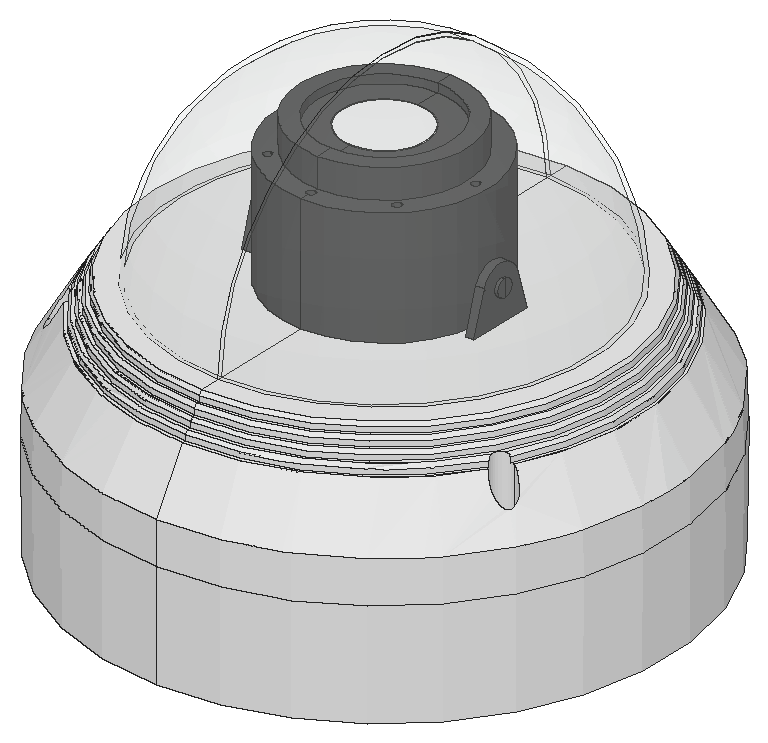
Revit family "Camera-Security-HanwhaTechwin-Dome-Wisenet Q-QNV-8080R_mm", category Security Devices, host Face, Revit 2020
Family settings
  Host = Face
  Maintain Annotation Orientation = Yes
  Round Connector Dimension = Use Diameter
  Part Type = Normal
  OmniClass Number = 23.85.30.17.14
  OmniClass Title = Video Surveillance
  Cut with Voids When Loaded = No
  Shared = No
  Room Calculation Point = No
Parameters (values of type "Standard")
  zz Length 3 [instance] = if(1 = 1, View Distance + 38.887 mm, View Distance + 38.887 mm)  # 952.887 mm
  zz Length 2 [instance] = 255.193 mm
  zz Length 1 [instance] = 190.112 mm
  zz Angle 4 [instance] = if(1 = 1, Camera Shield Actual, Camera Shield Actual)  # 0.00°
  zz Angle 3 [instance] = Camera Tilt Actual + 90.00°  # 90.00°
  zz Angle 2 [instance] = 90.00° - Camera Shield Actual  # 90.00°
  zz Angle 1 [instance] = if(1 = 1, Camera Base Actual + 270.00°, Camera Base Actual + 270.00°)  # 270.00°
  Wide Dynamic Range [instance] = "120 dB"  # constant formula
  White Balance [instance] = "ATW / AWC / Manual / Indoor / Outdoor"  # constant formula
  Weight [instance] = "700g (1.543 lb)"  # constant formula
  Webpage Language [instance] = "English, Korean, Chinese, French, Italian, Spanish, German, Japanese, Russian, Swedish,\r\nPortuguese, Czech, Polish, Turkish, Dutch, Hungarian, Greek"  # constant formula
  Web Viewer [instance] = "Supported OS : Windows 7, 8.1, 10, Mac OS X 10.12, 10.13, 10.14\r\nRecommended Browser : Google Chrome\r\nSupported Browser : MS Explorer11, MS Edge, Mozilla Firefox (Windows 64bit only),\r\nApple Safari (Mac OS X only)"  # constant formula
  WarrantyStartDate [instance] = "1900-12-31T23:59:59"
  WarrantyGuarantorParts [instance] = ""
  WarrantyGuarantorLabor [instance] = ""
  WarrantyDurationUnit [instance] = "year"
  WarrantyDurationParts [instance] = ""
  WarrantyDurationLabor [instance] = ""
  WarrantyDescription [instance] = ""
  Voltage [instance] = 12 V
  View Distance [instance] = 914 mm
  Video out [instance] = "CVBS : 1.0 Vp-p / 75Ω composite, 720 x 480(N), 720 x 576(P) for installation"  # constant formula
  Video Rotation [instance] = "Flip, Mirror, Hallway view (90˚/270˚)"  # constant formula
  Video Quality Adjustment [instance] = "H.264/H.265 : Target bitrate level control\r\nMJPEG : Quality Level control"  # constant formula
  Video Compression Format [instance] = "H.265/H.264: Main/High, MJPEG"  # constant formula
  Version [instance] = "1"
  Unit Conversion [instance] = 1000 mm
  Uniclass2 [instance] = "Pr_60_75_75_86_86"
  URL = "https://www.hanwha-security.com"
  TagNumber (default) [instance] = ""
  SustainabilityPerformance [instance] = ""
  Streaming Method [instance] = "Multiple streaming (Up to 3 profiles)"  # constant formula
  Streaming Capability [instance] = "Unicast (6 users) / Multicast"  # constant formula
  Storage Temperature [instance] = "-30°C ~ +60°C (-22°F ~ +140°F) / Less than 90% RH"  # constant formula
  Smart Codec [instance] = "WiseStream II"  # constant formula
  Size [instance] = "Ø137.0 x 106.1mm (Ø5.39 x 4.18\")"
  Shape [instance] = "Dome"
  SerialNumber (default) = ""
  Security [instance] = "HTTPS (SSL) login authentication, Digest login authentication,\r\nIP address filtering, User access log,\r\n802.1X authentication (EAP-TLS, EAP-LEAP)"  # constant formula
  Revision [instance] = ""
  Resolution [instance] = "2592 x 1944, 1920 x 1080, 1280 x 960, 1280 x 720, 800 x 600, 800 x 448, 720 x 576, 720 x 480,\r\n640 x 480, 640 x 360"  # constant formula
  ReplacementCost [instance] = ""
  RAL Code [instance] = "RAL9003"  # constant formula
  Protocol [instance] = "IPv4, IPv6, TCP/IP, UDP/IP, RTP(UDP), RTP(TCP), RTCP, RTSP, NTP, HTTP, HTTPS, SSL/TLS, DHCP, FTP,\r\nSMTP, ICMP, IGMP, SNMPv1/v2c/v3(MIB-2), ARP, DNS, DDNS, QoS, UPnP, Bonjour, LLDP"  # constant formula
  ProductInformation [instance] = ""
  Product Page URL = "https://www.hanwha-security.com/en/products/camera/network/dome/QNV-8080R/overview/"
  Product Material = Aluminum - HanwhaTechwin - White
  Product Documentation Link = "https://www.hanwha-security.com/prod/pdfDownload.do?mdlCd=MC001858"
  Privacy Masking [instance] = "6ea, rectangular zones"  # constant formula
  Power Consumption [instance] = "PoE : Max 8.9W, typical 6.6W"  # constant formula
  Pan. Tilt. Rotate Range [instance] = "0˚~350˚ / 0˚~67˚ / 0˚~355"  # constant formula
  Operating Temperature [instance] = "-30°C ~ +55°C (-22°F ~ +131°F) / Less than 90% RH\r\n* Start up should be done at above -20°C"  # constant formula
  NominalWidth [instance] = "Ø137.0 (Ø5.39)"
  NominalLength [instance] = "Ø137.0 (Ø5.39)"
  NominalHeight [instance] = "106.1mm (4.18\")"
  Name [instance] = "QNV-8080R"
  NBSTypeID [instance] = ""
  NBSReference [instance] = ""
  NBSOfficeMasterTag [instance] = ""
  NBSNote [instance] = ""
  NBSDescription [instance] = ""
  NBSCertification [instance] = ""
  Motion Detection [instance] = "4ea, polygonal zones"  # constant formula
  ModelReference [instance] = "Hanwhatechwin"
  ModelNumber [instance] = "QNV-8080R"
  Model = "QNV-8080R"  # constant formula
  Min. Illumination [instance] = "Color : 0.15Lux (F1.6, 1/30sec)\r\nBW : 0Lux (IR LED on)"  # constant formula
  Memory [instance] = "512MB RAM, 256MB Flash"  # constant formula
  Maximum Framerate [instance] = "H.265/H.264: Max. 30fps/25fps (60Hz/50Hz)\r\nMJPEG: Max. 15fps/12fps (60Hz/50Hz)"  # constant formula
  Max. Aperture Ratio [instance] = "F1.6 (Wide)~F2.9 (Tele)"  # constant formula
  Max Resolution [instance] = 2592
  Material [instance] = "Aluminum"
  ManufacturerURL [instance] = "https://www.hanwha-security.com"
  ManufacturerName [instance] = "Hanwhatechwin"
  Manufacturer = "Hanwha Techwin"  # constant formula
  LDC [instance] = "Support"  # constant formula
  InstallationDate (default) [instance] = "1900-12-31T23:59:59"
  Input Voltage. Current [instance] = "PoE (IEEE802.3af, Class3), 12VDC"  # constant formula
  Imaging Device [instance] = "1/2.8 2MP CMOS"  # constant formula
  IR Viewable Length [instance] = "30m (98.42ft)"  # constant formula
  Grade [instance] = ""
  Gain Control [instance] = "Low / Middle / High"  # constant formula
  Focus Control [instance] = "Simple focus"  # constant formula
  Focal Length Actual [instance] = if(Focal Length > 10 mm, 10 mm, if(Focal Length < 3.2 mm, 3.2 mm, Focal Length))  # 3.2 mm
  Focal Length .Zoom Ratio. [instance] = "3.2~10mm (3.1x) motorized varifocal"  # constant formula
  Focal Length [instance] = 3.2 mm
  FoV Hide Check [instance] = FoV Hide Check
  FoV Cross Check [instance] = FoV Cross Check
  Finish [instance] = ""
  Field of View_Recognize [instance] = Field of View - Recognize
  Field of View_Observe [instance] = Field of View - Observe
  Field of View_Identify [instance] = Field of View - Identify
  Field of View_Detect [instance] = Field of View - Detect
  Field of View is Visible_DORI [instance] = no
  Field of View is Visible [instance] = no
  Field of View Vertical Actual [instance] = 72.30° + (23.50° - 72.30°) / (10 mm - 3.2 mm) * (Focal Length Actual - 3.2 mm)  # 72.30°
  Field of View Horizontal Actual [instance] = 100.30° + (31.20° - 100.30°) / (10 mm - 3.2 mm) * (Focal Length Actual - 3.2 mm)  # 100.30°
  Field of View Diagonal Actual [instance] = 133.10° + (38.80° - 133.10°) / (10 mm - 3.2 mm) * (Focal Length Actual - 3.2 mm)  # 133.10°
  Field of View [instance] = Field of View
  Features [instance] = "• Max. 5Megapixel (2592 x 1944) resolution\r\n• 3.2~10mm(3.1x) motorized varifocal lens\r\n• 0.15Lux (Color), 0Lux (B/W, IR LED on)\r\n• Max. 30fps@5MP (H.265 / H.264)\r\n• H.265, H.264, MJPEG codec support, Multiple streaming\r\n• Day & Night, WDR (120dB)\r\n• Tampering, Motion detection, Defocus detection\r\n• Micro SD / SDHC / SDXC memory slot (Max. 128GB)\r\n• Hallway view, WiseStream II support\r\n• IR Viewable length 30m\r\n• IP66, IK10, PoE"
  ExpectedLife [instance] = ""
  Ethernet [instance] = "RJ-45 (10/100BASE-T)"  # constant formula
  Electronic Shutter Speed [instance] = "Minimum / Maximum / Anti flicker (1/5~1/12,000sec)"  # constant formula
  Effective Pixels [instance] = "2592(H) x 1944(V)"  # constant formula
  Edge Storage [instance] = "Micro SD/SDHC/SDXC 1slot 128GB"  # constant formula
  DurationUnit [instance] = "year"
  Distance Recognize [instance] = 1 / 2 * (Max Resolution / 125) / tan(Field of View Horizontal Actual / 2) * Unit Conversion  # 8653.632 mm
  Distance Observe [instance] = 1 / 2 * (Max Resolution / 62.5) / tan(Field of View Horizontal Actual / 2) * Unit Conversion  # 17307.263 mm
  Distance Identify [instance] = 1 / 2 * (Max Resolution / 250) / tan(Field of View Horizontal Actual / 2) * Unit Conversion  # 4326.816 mm
  Distance Detect [instance] = 1 / 2 * (Max Resolution / 25) / tan(Field of View Horizontal Actual / 2) * Unit Conversion  # 43268.158 mm
  Digital Noise Reduction [instance] = "SSNR"  # constant formula
  Description = "NBS standard template for generic face-based components"  # constant formula
  Default Elevation = 1219.2 mm
  Day and Night [instance] = "Auto (ICR)"  # constant formula
  Constituents [instance] = ""
  Color [instance] = "White"
  CodePerformance [instance] = ""
  Certification [instance] = "IP66, IK10"  # constant formula
  Category [instance] = "5MP Network IR Dome Camera"
  Camera Title [instance] = "Displayed up to 85 characters"  # constant formula
  Camera Tilt Desired [instance] = 0.00°
  Camera Tilt Actual [instance] = if(Camera Tilt Desired > 67.00°, 67.00°, if(Camera Tilt Desired < 0.00°, 0.00°, Camera Tilt Desired))  # 0.00°
  Camera Shield Desired [instance] = 0.00°
  Camera Shield Actual [instance] = if(Camera Shield Desired > 355.00°, 355.00°, if(Camera Shield Desired < 0.00°, 0.00°, Camera Shield Desired))  # 0.00°
  Camera Base Desired [instance] = 0.00°
  Camera Base Actual [instance] = if(Camera Base Desired > 350.00°, 350.00°, if(Camera Base Desired < 0.00°, 0.00°, Camera Base Desired))  # 0.00°
  Bitrate Control Method [instance] = "H.264/H.265 : CBR or VBR\r\nMJPEG : VBR"  # constant formula
  Base Vertical Length [instance] = 5 mm
  Base Horizontal Length [instance] = 5 mm
  BarCode (default) [instance] = ""
  Backlight Compensation [instance] = "BLC, WDR, SSDR"  # constant formula
  Author [instance] = ""
  Audio In [instance] = "Selectable (mic in/line in)\r\nSupply voltage: 2.5VDC (4mA), Input impedance : 2K Ohm"  # constant formula
  Audio Compression Format [instance] = "G.711 u-law /G.726 Selectable\r\nG.726 (ADPCM) 8KHz, G.711 8KHz\r\nG.726: 16Kbps, 24Kbps, 32Kbps, 40Kbps"  # constant formula
  AssetType [instance] = "Fixed"
  AssetIdentifier (default) [instance] = ""
  Application Programming Interface [instance] = "ONVIF Profile S/G/T\r\nSUNAPI (HTTP API)\r\nWisenet open platform"  # constant formula
  Angular Field of View [instance] = "H : 100.3°(Wide)~31.2°(Tele) / V : 72.3°(Wide)~23.5°(Tele) / H : 133.1°(Wide)~38.8°(Tele)"  # constant formula
  Analytics [instance] = "Defocus detection, Directional detection, Motion detection, Enter/Exit, Tampering, Virtual line"  # constant formula
  Alarm Triggers [instance] = "Analytics, Network disconnect, Alarm input"  # constant formula
  Alarm I.O [instance] = "Input 1ea / Output 1ea"  # constant formula
  Alarm Events [instance] = "File upload via FTP and e-mail\r\nNotification via e-mail\r\nSD/SDHC/SDXC or NAS recording at event triggers\r\nAlarm output"  # constant formula
  AccessibilityPerformance [instance] = ""
Reference planes
  plane 1 "Center (Front/Back)": y = 0
  plane 2: z = 0
  plane 3 "Center (Left/Right)": x = 0
  plane 4: z = 70.187
  plane 5: z = 0
  plane 6: z = 57.7
  plane 7: z = 106.1
  plane 8: y = -2.907
  plane 9: x = 0
  plane 10: y = -0.576
  plane 11: through (0, -0.576, 1206.718) normal (0.7071, 0.7071, 0)
  plane 12: y = -2.907
  plane 13: y = 50
  plane 14: y = -50
  plane 15: z = 57.7
  plane 16: z = 35.528
  plane 17: y = 54.952
  plane 18: y = -55.306
  plane 19: y = 68.5
  plane 20: y = -68.5
  plane 21: y = 68.316
Forms (mm)
  Revolve 1, solid, material "Aluminum - HanwhaTechwin - White" <- "Product Material", detail levels fine
    sketch origin (0, 0, 232.261) x (0, -1, 0) y (0, 0, 1)
      loop
        line (-68.316, -232.261) -> (0, -232.261) -> (0, -174.561) -> (-54.952, -174.561) -> (-55.547, -175.514) -> (-55.547, -176.796) -> (-56.348, -176.796) -> (-56.944, -177.749) -> (-56.944, -179.031) -> (-57.745, -179.031) -> (-58.34, -179.984) -> (-58.34, -181.266) -> (-59.141, -181.266) -> (-59.736, -182.219) -> (-59.736, -183.501) -> (-60.538, -183.501) -> (-68.316, -196.734) -> (-68.505, -206.781) -> (-68.316, -232.261)
      axis (0, -232.261) -> (0, -174.561)
    angle from 0 to 360
  Revolve 2, solid, material "Glass - HanwhaTechwin - Clear"
    sketch origin (-0.001, -99.241, 242.206) x (0, -1, 0) y (0, 0, 1)
      loop
        arc (-99.267, -136.106) -> (-134.052, -150.19) -> (-149.241, -184.506) r 50
        line (-149.241, -184.506) -> (-148.241, -184.506)
        arc (-148.241, -184.506) -> (-133.345, -150.897) -> (-99.267, -137.106) r 49
        line (-99.267, -137.106) -> (-99.267, -136.106)
      axis (-99.241, -184.506) -> (-99.241, -136.106)
    angle from 0 to 360
  Extrusion 3, void, detail levels fine
    sketch origin (0, 0, 0) x (0, -1, 0) y (1, 0, 0)
      loop
        circle (30.884, -53.492) r 3
      loop
        circle (30.884, 53.492) r 3
      loop
        circle (-61.767, 0) r 3
    from 0 to 57.742
  Revolve 4, solid, material "Metal - HanwhaTechwin - Black", detail levels fine
    sketch origin (0, 0, 70.187) x (0, 0, 1) y (0, 1, 0)
      loop
        line (22.509, 20) -> (15.509, 20) -> (15.509, 25) -> (-12.487, 25) -> (-12.487, 0) -> (19.509, 0) -> (19.509, 10) -> (20.509, 10) -> (20.509, 16) -> (22.509, 16) -> (22.509, 20)
      axis (22.509, 0) -> (-12.487, 0)
    angle from 0 to 360
  Extrusion 5, solid, material "Plastic - HanwhaTechwin - Sun-Shield", detail levels fine
    sketch origin (0, 0, 89.696) x (1, 0, 0) y (0, 1, 0)
      loop
        circle (0, 0) r 10
    from 1 to 0
  Revolve 6, solid, material "Metal - HanwhaTechwin - Black", detail levels fine
    sketch origin (0, 0, 70.187) x (0, 0, 1) y (1, 0, 0)
      loop
        line (-2.487, -29) -> (-2.487, -25) -> (-4.487, -25) -> (-4.487, -29) -> (-2.487, -29)
      axis (-4.487, -29) -> (-4.487, -25)
    angle from 0 to 360
  Extrusion 7, solid, material "Metal - HanwhaTechwin - Black", detail levels fine
    sketch origin (0, -0.313, 70.187) x (0, -1, 0) y (0, 0, 1)
      loop
        line (7.636, -12.487) -> (4.557, -2.884)
        arc (4.557, -2.884) -> (-0.312, 0.526) -> (-5.182, -2.884) r 5.182
        line (-5.182, -2.884) -> (-8.261, -12.487) -> (7.636, -12.487)
    from 28 to 25
  Extrusion 8, void
    sketch origin (0, 0, 57.7) x (0, -1, 0) y (1, 0, 0)
      loop
        circle (0, 22) r 1
      loop
        circle (15.556, 15.556) r 1
      loop
        circle (22, 0) r 1
      loop
        circle (0, -22) r 1
      loop
        circle (15.556, -15.556) r 1
    from 26 to 28
  Revolve 9, solid, material "Metal - HanwhaTechwin - Black", detail levels fine
    sketch origin (0, 0, 70.187) x (0, 0, 1) y (1, 0, 0)
      loop
        line (-2.487, 29) -> (-4.487, 29) -> (-4.487, 25) -> (-2.487, 25) -> (-2.487, 29)
      axis (-4.487, 29) -> (-4.487, 25)
    angle from 0 to 360
  Extrusion 10, solid, material "Metal - HanwhaTechwin - Black", detail levels fine
    sketch origin (0, -0.313, 70.187) x (0, -1, 0) y (0, 0, -1)
      loop
        line (7.636, 12.487) -> (-8.261, 12.487) -> (-5.182, 2.884)
        arc (-5.182, 2.884) -> (-0.312, -0.526) -> (4.557, 2.884) r 5.182
        line (4.557, 2.884) -> (7.636, 12.487)
    from 28 to 26
  Revolve 11, solid, material "Aluminum - HanwhaTechwin - White", detail levels coarse+medium
    sketch origin (0, 0, 70.187) x (0, -1, 0) y (0, 0, 1)
      loop
        line (-68.5, -34.663) -> (-68.5, -70.187) -> (0, -70.187) -> (0, -12.487) -> (-55.134, -12.487) -> (-68.5, -34.663)
      axis (0, -12.487) -> (0, -70.187)
    angle from 0 to 360
Cuts and joins
  Extrusion 3 cuts Revolve 1
  Extrusion 8 cuts Revolve 4
Lines and regions (mm)
  reference lines
    curve 1: line (0, 0, 70.187) -> (0, -31.75, 70.187)
    curve 2: line (0, 0, 70.187) -> (0, 0, 90.696)
    curve 3: line (40.695, 0, 76.18) -> (40.695, 0, 90.696)
    curve 4: line (0, 0, 90.696) -> (40.695, 0, 90.696)
    curve 5: line (0, 0, 76.18) -> (40.695, 0, 76.18)
    curve 6: line (0, 0, 90.696) -> (40.695, 0, 90.696)
    curve 7: line (27.523, 0, 89.86) -> (0, 0, 89.86)
    curve 8: line (0, 0, 90.696) -> (0, -12.7, 90.696)
    curve 9: line (0, 0, 90.696) -> (-12.7, 0, 90.696)
  symbolic lines, not visible
    curve 10: circle (0, 0, 0) r 72.171 normal (0, 0, -1)
Dimensions and locks
  locked: curve 6 to curve 6
  locked: curve 2 to curve 6
  locked: curve 1 to curve 2
  locked: Revolve 6 sketch curve to Revolve 6 sketch curve at 2
  locked: Extrusion 7 sketch curve to Extrusion 7 sketch curve at 15.896
  locked: Revolve 4 sketch curve to Revolve 4 sketch curve at 25
  Revolve 4 sketch curve to Revolve 4 sketch curve to Revolve 4 sketch curve to Revolve 4 sketch curve = 4 mm locked, 6 mm locked, 10 mm locked
  locked: Revolve 9 sketch curve to Revolve 9 sketch curve at 2
  locked: Extrusion 10 sketch curve to Extrusion 10 sketch curve at 15.896
  Revolve 4 sketch curve to Revolve 4 sketch curve to Revolve 4 sketch curve to Revolve 4 sketch curve to Revolve 4 sketch curve = 2 mm locked, 1 mm locked, 4 mm locked, 27.996 mm locked
  locked: Revolve 1 sketch curve to Revolve 1 sketch curve at 57.7
  locked: Extrusion 10 to Extrusion 7 sketch curve at 13.013
  locked: Extrusion 10 sketch curve to Extrusion 10 sketch curve at 13.013
  locked: Revolve 9 sketch curve to Revolve 9 sketch curve at 4
  locked: Revolve 6 sketch curve to Revolve 6 sketch curve at 4
  plane 5 to plane 7 = 106.1 mm
  locked: plane 5 to plane 15 at 57.7
  plane 15 to plane 7 = 48.4 mm
  equal spacing: plane 13, plane 1 "Center (Front/Back)", plane 14
  plane 13 to plane 14 = 100 mm
  locked: plane 16 to plane 15 at 22.172
  equal spacing: plane 19, plane 1 "Center (Front/Back)", plane 20  (x2)
  plane 19 to plane 20 = 137 mm  (x2)
  locked: plane 19 to plane 21 at 0.184
  radius of Extrusion 7 sketch curve = 5.182 mm
  radius of Extrusion 10 sketch curve = 5.182 mm
  radius of Extrusion 5 sketch curve = 10 mm
  radius of Revolve 2 sketch curve = 50 mm
  radius of Revolve 2 sketch curve = 49 mm
  "zz Angle 1": angle curve 1 to plane 1 "Center (Front/Back)"
  "zz Angle 3": angle curve 1 to curve 2
  "zz Angle 4": angle curve 4 to curve 6
  "zz Angle 2": angle curve 8 to curve 4
  aligned and locked: plane 2 to host face
  aligned and locked: level to host face
  aligned and locked: plane 3 "Center (Left/Right)" to curve 1
  aligned and locked: plane 1 "Center (Front/Back)" to Revolve 2 sketch curve
  aligned and locked: Revolve 6 sketch curve to Revolve 6 sketch curve
  aligned and locked: Revolve 9 sketch curve to Revolve 9 sketch curve
  aligned and locked: plane 19 to Revolve 11 sketch curve
  aligned and locked: Revolve 11 sketch curve to plane 1 "Center (Front/Back)"
Automatic sketch dimensions
  host sketch curve to host sketch curve = 230.834 mm
  host sketch curve to host sketch curve = 278.22 mm
  curve 5 to curve 2 = 0 mm
  curve 7 to curve 2 = 0 mm
  curve 3 to curve 2 = 40.695 mm
  curve 4 to curve 2 = 0 mm  (x2)
  curve 2 to curve 3 = 5.992 mm
  curve 7 to curve 4 = 0.836 mm
  curve 9 to curve 8 = 0 mm  (x2)
  curve 9 to curve 8 = 12.7 mm
  Revolve 2 sketch curve to plane 5 = 12.723 mm
  plane 5 to Revolve 2 sketch curve = 71.489 mm
  Extrusion 3 sketch curve to Revolve 1 = 0 mm
  Revolve 1 to Extrusion 3 sketch curve = 53.492 mm
  Extrusion 3 sketch curve to Extrusion 3 sketch curve = 92.651 mm
  Extrusion 3 sketch curve to Extrusion 3 sketch curve = 0 mm
  Extrusion 3 sketch curve to Revolve 1 = 53.492 mm
  Revolve 4 sketch curve to curve 2 = 0 mm  (x3)
  Revolve 4 sketch curve to Revolve 4 sketch curve = 5.915 mm
  curve 2 to Revolve 4 sketch curve = 13.405 mm
  Extrusion 5 sketch curve to Revolve 4 = 0 mm
  plane 4 to Revolve 6 sketch curve = 4.487 mm
  Revolve 6 sketch curve to Revolve 6 sketch curve = 2 mm
  Extrusion 7 sketch curve to curve 1 = 0 mm
  Extrusion 7 sketch curve to curve 1 = 4.656 mm
  Extrusion 7 sketch curve to curve 1 = 4.87 mm
  curve 1 to Extrusion 7 sketch curve = 2.884 mm
  curve 1 to Extrusion 7 sketch curve = 7.948 mm
  Extrusion 8 sketch curve to Revolve 4 = 0 mm
  Extrusion 8 sketch curve to Revolve 4 = 22 mm
  Revolve 4 to Extrusion 8 sketch curve = 22 mm
  Extrusion 8 sketch curve to Extrusion 8 sketch curve = 0 mm
  Extrusion 8 sketch curve to Extrusion 8 sketch curve = 15.556 mm  (x2)
  Extrusion 8 sketch curve to Extrusion 8 sketch curve = 6.444 mm
  Extrusion 8 sketch curve to Revolve 4 = 15.556 mm
  Revolve 4 to Extrusion 8 sketch curve = 15.556 mm
  plane 4 to Revolve 9 sketch curve = 4.487 mm
  Revolve 9 sketch curve to Revolve 9 sketch curve = 2 mm
  Extrusion 10 sketch curve to curve 1 = 0 mm
  curve 1 to Extrusion 10 sketch curve = 4.656 mm
  Extrusion 10 sketch curve to curve 1 = 4.87 mm
  Extrusion 10 sketch curve to curve 1 = 2.884 mm
  curve 1 to Extrusion 10 sketch curve = 7.948 mm
  Revolve 6 sketch curve to Revolve 6 sketch curve = 66 mm
  Revolve 9 sketch curve to Revolve 9 sketch curve = 66 mm
  plane 3 "Center (Left/Right)" to Revolve 9 sketch curve = 25 mm
  curve 7 to curve 2 = 27.523 mm
  Revolve 6 sketch curve to plane 3 "Center (Left/Right)" = 29 mm
  Revolve 2 sketch curve to plane 13 = 0 mm
  Revolve 2 sketch curve to Revolve 2 sketch curve = 0 mm  (x3)
  plane 15 to Revolve 2 sketch curve = 0 mm
  plane 7 to Revolve 2 sketch curve = 0 mm
  Revolve 11 sketch curve to curve 1 = 0 mm
  Revolve 11 sketch curve to curve 1 = 83.829 mm
  Revolve 11 sketch curve to curve 1 = 70.187 mm
  Revolve 11 sketch curve to curve 1 = 12.487 mm
  Revolve 11 sketch curve to curve 1 = 8.829 mm
  Revolve 11 sketch curve to Revolve 11 sketch curve = 13.366 mm
  Revolve 11 sketch curve to Revolve 11 sketch curve = 22.176 mm
  plane 5 to Revolve 1 sketch curve = 0 mm
  Revolve 1 sketch curve to plane 21 = 0 mm  (x2)
  plane 16 to Revolve 1 sketch curve = 0 mm
  Revolve 1 sketch curve to plane 17 = 0 mm
  Revolve 1 sketch curve to plane 1 "Center (Front/Back)" = 0 mm  (x2)
  plane 17 to Revolve 1 sketch curve = 5.586 mm
  Revolve 1 sketch curve to Revolve 1 sketch curve = 0.801 mm  (x3)
  Revolve 1 sketch curve to Revolve 1 sketch curve = 0.595 mm  (x3)
  plane 17 to Revolve 1 sketch curve = 0.595 mm
  Revolve 1 sketch curve to plane 6 = 8.939 mm
  Revolve 1 sketch curve to Revolve 1 sketch curve = 1.282 mm  (x3)
  Revolve 1 sketch curve to Revolve 1 sketch curve = 0.953 mm  (x3)
  Revolve 1 sketch curve to plane 6 = 0.953 mm
  plane 19 to Revolve 1 sketch curve = 0.005 mm
  Revolve 1 sketch curve to Revolve 1 sketch curve = 64.125 mm
  plane 16 to Revolve 1 sketch curve = 10.048 mm
  Revolve 1 sketch curve to plane 16 = 0.32 mm
  plane 1 "Center (Front/Back)" to curve 1 = 0 mm
  radius of Extrusion 3 sketch curve = 3 mm  (x3)
  radius of Extrusion 8 sketch curve = 1 mm  (x5)
  radius of Revolve 1 to curve 10 = 3.855 mm
Nested families
  nested 1: "Security Camera Symbol" at (0, 0, 0), type "Security Camera Symbol"
  nested 2: "DORI FOV" at (0, 0, 90.696), Field of View is Visible <- "Field of View is Visible", Field of View is Visible_DORI <- "Field of View is Visible_DORI", Field of View <- "Field of View", Field of View_Detect <- "Field of View_Detect", Field of View_Identify <- "Field of View_Identify", Field of View_Observe <- "Field of View_Observe", Field of View_Recognize <- "Field of View_Recognize", FoV Cross Check <- "FoV Cross Check", FoV Hide Check <- "FoV Hide Check", Base Horizontal Length <- "Base Horizontal Length", Base Vertical Length <- "Base Vertical Length", Field of View Diagonal <- "Field of View Diagonal Actual", Field of View Horizontal <- "Field of View Horizontal Actual", Field of View Vertical <- "Field of View Vertical Actual", Max Resolution <- "Max Resolution", View Distance <- "View Distance", Unit Conversion <- "Unit Conversion", Distance Detect <- "Distance Detect", Distance Identify <- "Distance Identify", Distance Observe <- "Distance Observe", Distance Recognize <- "Distance Recognize", type "DORI FOV"
    with zz Vertical Length_Recognize 12643.823 mm, zz Vertical Length_Observe 25287.646 mm, zz Vertical Length_Identify 6321.911 mm, zz Vertical Length_Detect 63219.114 mm, zz Vertical Length 1335.446 mm, zz Horizontal Length_Recognize 20736 mm, zz Horizontal Length_Observe 41472 mm, zz Horizontal Length_Identify 10368 mm, zz Horizontal Length_Detect 103680 mm, zz Horizontal Length 2190.145 mm, View Distance 914 mm, Unit Conversion 1000 mm, Max Resolution 2592, FoV Hide Check FoV Hide Check, FoV Cross Check FoV Cross Check, Field of View_Recognize Field of View - Recognize, Field of View_Observe Field of View - Observe, Field of View_Identify Field of View - Identify, Field of View_Detect Field of View - Detect, Field of View is Visible_DORI no, Field of View is Visible no, Field of View Vertical 72.30°, Field of View Horizontal 100.30°, Field of View Diagonal 133.10°, Field of View Field of View, Distance Recognize 8653.632 mm, Distance Observe 17307.263 mm, Distance Identify 4326.816 mm, Distance Detect 43268.158 mm, Base Vertical Length 5 mm, Base Horizontal Length 5 mm
Connectors
  electrical at (0, 0, 0), driven by "Voltage"
    settings: on Revolve 11, index 1, voltage 12 V, apparent load 0 VA, apparent load phase1 0 VA, apparent load phase2 0 VA, apparent load phase3 0 VA, power factor 1, load classification "Other", number of poles 1, system type 31, power factor state 1, is connector primary yes, connector utility no, sub classification motor no, connector description "Power Connector"
  electrical at (0, 0, 0)
    settings: on Revolve 11, index 2, voltage 0 V, apparent load 0 VA, apparent load phase1 0 VA, apparent load phase2 0 VA, apparent load phase3 0 VA, power factor 1, load classification "Other", number of poles 1, system type 14, power factor state 1, is connector primary no, connector utility no, sub classification motor no, connector description "Ethernet Connector"
Definition of nested family "Security Camera Symbol"
  Reference planes
    plane 1: y = 0
    plane 2: x = 0
  Lines and regions (mm)
    Masking region 1
      outline origin (0, 0, 0) x (1, 0, 0) y (0, 1, 0)
        loop
          circle (0, 0) r 5
    detail lines
      curve 1: line (-3.061, 1.648, 0) -> (1.489, 1.648, 0)
      curve 2: line (-3.061, -1.648, 0) -> (-3.061, 1.648, 0)
      curve 3: line (1.489, -1.648, 0) -> (-3.061, -1.648, 0)
      curve 4: line (1.489, 1.648, 0) -> (1.489, -1.648, 0)
      curve 5: line (1.489, 0, 0) -> (3.137, 1.648, 0)
      curve 6: line (3.137, 1.648, 0) -> (3.137, -1.648, 0)
      curve 7: line (3.137, -1.648, 0) -> (1.489, 0, 0)
Definition of nested family "DORI FOV"
  Parameters (values of type "DORI FOV")
    zz Vertical Length_Recognize [instance] = tan(Field of View Vertical / 2) * Distance Recognize * 2  # 6424.485 mm
    zz Vertical Length_Observe [instance] = tan(Field of View Vertical / 2) * Distance Observe * 2  # 12848.969 mm
    zz Vertical Length_Identify [instance] = tan(Field of View Vertical / 2) * Distance Identify * 2  # 3212.242 mm
    zz Vertical Length_Detect [instance] = tan(Field of View Vertical / 2) * Distance Detect * 2  # 25697.938 mm
    zz Vertical Length [instance] = tan(Field of View Vertical / 2) * View Distance * 2  # 838.854 mm
    zz Horizontal Length_Recognize [instance] = tan(Field of View Horizontal / 2) * Distance Recognize * 2  # 15224.886 mm
    zz Horizontal Length_Observe [instance] = tan(Field of View Horizontal / 2) * Distance Observe * 2  # 30449.771 mm
    zz Horizontal Length_Identify [instance] = tan(Field of View Horizontal / 2) * Distance Identify * 2  # 7612.443 mm
    zz Horizontal Length_Detect [instance] = tan(Field of View Horizontal / 2) * Distance Detect * 2  # 60899.542 mm
    zz Horizontal Length [instance] = tan(Field of View Horizontal / 2) * View Distance * 2  # 1987.935 mm
    View Distance [instance] = 914 mm
    Unit Conversion [instance] = 1000 mm
    Max Resolution [instance] = 1920
    FoV Hide Check [instance] = none
    FoV Cross Check [instance] = none
    Field of View is Visible_DORI [instance] = no
    Field of View is Visible [instance] = yes
    Field of View Vertical [instance] = 49.30°
    Field of View Horizontal [instance] = 94.80°
    Field of View Diagonal [instance] = 114.30°
    Field of View_Recognize [instance] = none
    Field of View_Observe [instance] = none
    Field of View_Identify [instance] = none
    Field of View_Detect [instance] = none
    Field of View [instance] = none
    Distance Recognize [instance] = 7000 mm
    Distance Observe [instance] = 14000 mm
    Distance Identify [instance] = 3500 mm
    Distance Detect [instance] = 28000 mm
    Default Elevation = 1219.2 mm
    Base Vertical Length [instance] = 5 mm
    Base Horizontal Length [instance] = 5 mm
  Reference planes
    plane 1 "Center (Front/Back)": y = 0
    plane 2: z = 0
    plane 3 "Center (Left/Right)": x = 0
    plane 4: z = 3500
    plane 5: z = 7000
    plane 6: z = 14000
    plane 7: z = 28000
    plane 8: x = -3806.221
    plane 9: x = 3806.221
    plane 10: x = -7612.443
    plane 11: x = -15224.886
    plane 12: x = 7612.443
    plane 13: x = 15224.886
    plane 14: x = -30449.771
    plane 15: x = 30449.771
  Forms (mm)
    Extrusion 1, solid
      sketch origin (0, 0, 0) x (1, 0, 0) y (0, 1, 0)
        loop
          line (-1219.2, 1219.2) -> (-1219.2, -1219.2) -> (1219.2, -1219.2) -> (1219.2, 1219.2) -> (-1219.2, 1219.2)
      from 0 to -304.8
    Blend 2, solid, material <- "Field of View_Identify", visible <- "Field of View is Visible_DORI"
      base sketch origin (0, 0, 0) x (1, 0, 0) y (0, 1, 0)
        loop
          line (-2.5, 2.5) -> (-2.5, -2.5) -> (2.5, -2.5) -> (2.5, 2.5) -> (-2.5, 2.5)
      top sketch origin (0, 0, 0) x (1, 0, 0) y (0, 1, 0)
        loop
          line (-3806.221, 1606.121) -> (-3806.221, -1606.121) -> (3806.221, -1606.121) -> (3806.221, 1606.121) -> (-3806.221, 1606.121)
      from 0 to 3500
    Blend 3, solid, material <- "Field of View_Recognize", visible <- "Field of View is Visible_DORI"
      base sketch origin (0, 0, 0) x (1, 0, 0) y (0, 1, 0)
        loop
          line (-3806.221, 1606.121) -> (-3806.221, -1606.121) -> (3806.221, -1606.121) -> (3806.221, 1606.121) -> (-3806.221, 1606.121)
      top sketch origin (0, 0, 0) x (1, 0, 0) y (0, 1, 0)
        loop
          line (-7612.443, 3212.242) -> (-7612.443, -3212.242) -> (7612.443, -3212.242) -> (7612.443, 3212.242) -> (-7612.443, 3212.242)
      from 3500 to 7000
    Blend 4, solid, material <- "Field of View_Observe", visible <- "Field of View is Visible_DORI"
      base sketch origin (0, 0, 0) x (1, 0, 0) y (0, 1, 0)
        loop
          line (-7612.443, 3212.242) -> (-7612.443, -3212.242) -> (7612.443, -3212.242) -> (7612.443, 3212.242) -> (-7612.443, 3212.242)
      top sketch origin (0, 0, 0) x (1, 0, 0) y (0, 1, 0)
        loop
          line (-15224.886, 6424.485) -> (-15224.886, -6424.485) -> (15224.886, -6424.485) -> (15224.886, 6424.485) -> (-15224.886, 6424.485)
      from 7000 to 14000
    Blend 5, solid, material <- "Field of View_Detect", visible <- "Field of View is Visible_DORI"
      base sketch origin (0, 0, 0) x (1, 0, 0) y (0, 1, 0)
        loop
          line (-15224.886, 6424.485) -> (-15224.886, -6424.485) -> (15224.886, -6424.485) -> (15224.886, 6424.485) -> (-15224.886, 6424.485)
      top sketch origin (0, 0, 0) x (1, 0, 0) y (0, 1, 0)
        loop
          line (-30449.771, 12848.969) -> (-30449.771, -12848.969) -> (30449.771, -12848.969) -> (30449.771, 12848.969) -> (-30449.771, 12848.969)
      from 14000 to 28000
    Blend 6, solid, material <- "Field of View", visible <- "Field of View is Visible"
      base sketch origin (0, 0, 0) x (1, 0, 0) y (0, 1, 0)
        loop
          line (-2.5, 2.5) -> (-2.5, -2.5) -> (2.5, -2.5) -> (2.5, 2.5) -> (-2.5, 2.5)
      top sketch origin (0, 0, 0) x (1, 0, 0) y (0, 1, 0)
        loop
          line (-993.968, 419.427) -> (-993.968, -419.427) -> (993.968, -419.427) -> (993.968, 419.427) -> (-993.968, 419.427)
      from 0 to 914 <- "View Distance"
  Dimensions and locks
    equal spacing: Blend 2 sketch curve, plane 3 "Center (Left/Right)", Blend 2 sketch curve  (x2)
    "Base Horizontal Length": Blend 2 sketch curve to Blend 2 sketch curve
    equal spacing: Blend 2 sketch curve, plane 1 "Center (Front/Back)", Blend 2 sketch curve  (x2)
    "Base Vertical Length": Blend 2 sketch curve to Blend 2 sketch curve
    "zz Horizontal Length_Identify": Blend 2 sketch curve to Blend 2 sketch curve
    "zz Vertical Length_Identify": Blend 2 sketch curve to Blend 2 sketch curve
    equal spacing: plane 9, plane 3 "Center (Left/Right)", plane 8
    "zz Horizontal Length_Identify": plane 9 to plane 8
    "Distance Identify": plane 4 to level
    "Distance Recognize": plane 5 to Extrusion 1
    "Distance Observe": plane 6 to Extrusion 1
    "Distance Detect": plane 7 to Extrusion 1
    equal spacing: Blend 3 sketch curve, plane 3 "Center (Left/Right)", Blend 3 sketch curve  (x2)
    equal spacing: Blend 3 sketch curve, plane 1 "Center (Front/Back)", Blend 3 sketch curve  (x2)
    "zz Horizontal Length_Identify": Blend 3 sketch curve to Blend 3 sketch curve
    "zz Vertical Length_Identify": Blend 3 sketch curve to Blend 3 sketch curve
    "zz Horizontal Length_Recognize": Blend 3 sketch curve to Blend 3 sketch curve
    "zz Vertical Length_Recognize": Blend 3 sketch curve to Blend 3 sketch curve
    equal spacing: Blend 4 sketch curve, plane 3 "Center (Left/Right)", Blend 4 sketch curve  (x2)
    "zz Horizontal Length_Recognize": Blend 4 sketch curve to Blend 4 sketch curve
    equal spacing: Blend 4 sketch curve, plane 1 "Center (Front/Back)", Blend 4 sketch curve  (x2)
    "zz Vertical Length_Recognize": Blend 4 sketch curve to Blend 4 sketch curve
    "zz Horizontal Length_Observe": Blend 4 sketch curve to Blend 4 sketch curve
    "zz Vertical Length_Observe": Blend 4 sketch curve to Blend 4 sketch curve
    equal spacing: plane 12, plane 3 "Center (Left/Right)", plane 10
    "zz Horizontal Length_Recognize": plane 12 to plane 10
    equal spacing: plane 13, plane 3 "Center (Left/Right)", plane 11
    "zz Horizontal Length_Observe": plane 13 to plane 11
    equal spacing: Blend 5 sketch curve, plane 3 "Center (Left/Right)", Blend 5 sketch curve  (x2)
    "zz Horizontal Length_Observe": Blend 5 sketch curve to Blend 5 sketch curve
    equal spacing: Blend 5 sketch curve, plane 1 "Center (Front/Back)", Blend 5 sketch curve  (x2)
    "zz Vertical Length_Observe": Blend 5 sketch curve to Blend 5 sketch curve
    "zz Horizontal Length_Detect": Blend 5 sketch curve to Blend 5 sketch curve
    "zz Vertical Length_Detect": Blend 5 sketch curve to Blend 5 sketch curve
    equal spacing: plane 15, plane 3 "Center (Left/Right)", plane 14
    "zz Horizontal Length_Detect": plane 15 to plane 14
    equal spacing: Blend 6 sketch curve, plane 3 "Center (Left/Right)", Blend 6 sketch curve  (x2)
    "Base Horizontal Length": Blend 6 sketch curve to Blend 6 sketch curve
    equal spacing: Blend 6 sketch curve, plane 1 "Center (Front/Back)", Blend 6 sketch curve  (x2)
    "Base Vertical Length": Blend 6 sketch curve to Blend 6 sketch curve
    "zz Horizontal Length": Blend 6 sketch curve to Blend 6 sketch curve
    "zz Vertical Length": Blend 6 sketch curve to Blend 6 sketch curve
    aligned and locked: plane 2 to Extrusion 1
    aligned and locked: level to Extrusion 1
    aligned and locked: Blend 2 to plane 4
    aligned and locked: Blend 3 to plane 5
    aligned and locked: Blend 3 to plane 4
    aligned and locked: Blend 4 to plane 6
    aligned and locked: Blend 4 to plane 5
    aligned and locked: Blend 5 to plane 7
    aligned and locked: Blend 5 to plane 6
  Automatic sketch dimensions
    Extrusion 1 sketch curve to Extrusion 1 sketch curve = 2438.4 mm  (x2)
